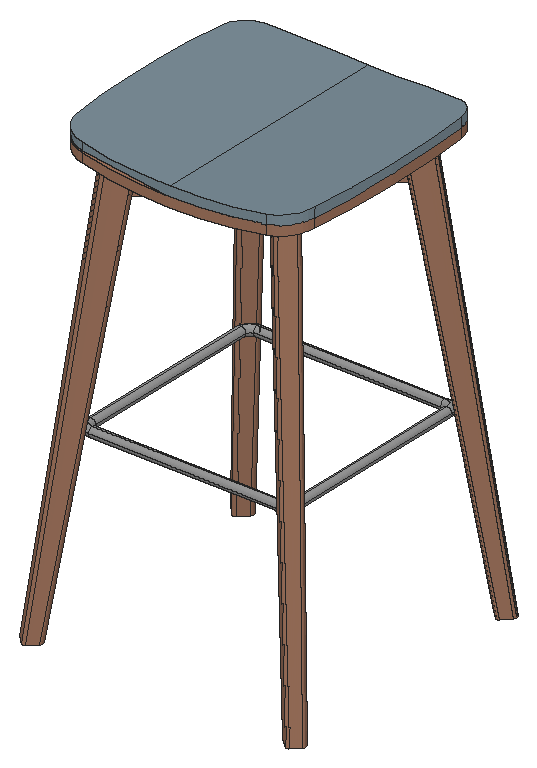
Revit family "FU_Stool_Sandler_Hellen SG02", category Furniture, Revit 2020
Family settings
  OmniClass Number = 23.40.20.00
  OmniClass Title = General Furniture and Specialties
  Work Plane-Based = No
  Always vertical = Yes
  Cut with Voids When Loaded = No
  Shared = No
  Room Calculation Point = No
Parameters (values of type "Hellen SG 02")
  Width = 455 mm
  URL = "https://www.sandlerseating.com/product/hellen-sg02/"
  Seat [instance] = Fabric - Mainline Flax - Epping MLF51
  Model = "Hellen SG 02"
  Manufacturer = "Sandler"
  Height = 735 mm
  Frame [instance] = Wood - Beech - Cherry Wood - V
  Description = "Stool with upholstered seat panel on a solid beech frame fitted with a stainless steel footrest."
  Depth = 455 mm
  Default Elevation = 0 mm
Reference planes
  plane 1 "Center (Front/Back)": y = 0
  plane 2: z = 0
  plane 3 "Center (Left/Right)": x = 0
  plane 4 "Right": x = -227.5
  plane 5 "Left": x = 227.5
  plane 6 "Back": y = 227.5
  plane 7 "Front": y = -227.5
  plane 8 "Height": z = 735
  plane 9 "Frame Base": z = 630.935
  plane 10 "FLL FRONT": through (210.681, -1524, 0) normal (-0.9934, 0, -0.115)
  plane 11 "FL RIGHT": through (4267.2, -210.681, 0) normal (0, -0.9934, 0.115)
  plane 12 "Footrest RIGHT": z = 297.885
  plane 13 "seat base": z = 685.425
Forms (mm)
  SweptBlend 1, solid, material "Wood - Beech - Cherry Wood - V" <- "Frame"
    path origin (0, -207.895, 24.067) x (0, -0.115, -0.993366) y (1, 0, 0)
      loop
        line (31.02, 211.473) -> (-681.003, 128.529)
    profile origin (211.473, -211.462, -6.747) x (-0.993283, -0.013306, -0.114941) y (0, -0.993366, 0.115)
      loop
        arc (16.658, -4.024) -> (18.122, -0.399) -> (16.528, 3.172) r 5
        line (16.528, 3.172) -> (4.046, 14.786)
        arc (4.046, 14.786) -> (0.55, 16.125) -> (-2.896, 14.661) r 5
        line (-2.896, 14.661) -> (-14.55, 3.007)
        arc (-14.55, 3.007) -> (-16.012, -0.393) -> (-14.736, -3.868) r 5
        line (-14.736, -3.868) -> (-3.338, -16.568)
        arc (-3.338, -16.568) -> (0.248, -18.227) -> (3.918, -16.764) r 5
        line (3.918, -16.764) -> (16.658, -4.024)
    end profile origin (128.529, -129.58, 700.552) x (-0.993283, -0.013306, -0.114941) y (0, -0.993366, 0.115)
      loop
        arc (22.745, -5.755) -> (24.21, -2.22) -> (22.745, 1.316) r 5
        line (22.745, 1.316) -> (-2.013, 26.074)
        arc (-2.013, 26.074) -> (-5.646, 27.537) -> (-9.22, 25.933) r 5
        line (-9.22, 25.933) -> (-26.537, 7.202)
        arc (-26.537, 7.202) -> (-27.864, 3.709) -> (-26.401, 0.272) r 5
        line (-26.401, 0.272) -> (-2.35, -23.779)
        arc (-2.35, -23.779) -> (1.186, -25.244) -> (4.721, -23.779) r 5
        line (4.721, -23.779) -> (22.745, -5.755)
  SweptBlend 2, solid, material "Wood - Beech - Cherry Wood - V" <- "Frame"
    path origin (0, -207.895, 24.067) x (0, -0.115, -0.993366) y (-1, 0, 0)
      loop
        line (31.02, 211.473) -> (-681.003, 128.529)
    profile origin (-211.473, -211.462, -6.747) x (-0.993283, 0.013306, 0.114941) y (0, -0.993366, 0.115)
      loop
        line (-16.658, -4.024) -> (-3.918, -16.764)
        arc (-3.918, -16.764) -> (-0.248, -18.227) -> (3.338, -16.568) r 5
        line (3.338, -16.568) -> (14.736, -3.868)
        arc (14.736, -3.868) -> (16.012, -0.393) -> (14.55, 3.007) r 5
        line (14.55, 3.007) -> (2.896, 14.661)
        arc (2.896, 14.661) -> (-0.55, 16.125) -> (-4.046, 14.786) r 5
        line (-4.046, 14.786) -> (-16.528, 3.172)
        arc (-16.528, 3.172) -> (-18.122, -0.399) -> (-16.658, -4.024) r 5
    end profile origin (-128.529, -129.58, 700.552) x (-0.993283, 0.013306, 0.114941) y (0, -0.993366, 0.115)
      loop
        line (-22.745, -5.755) -> (-4.721, -23.779)
        arc (-4.721, -23.779) -> (-1.186, -25.244) -> (2.35, -23.779) r 5
        line (2.35, -23.779) -> (26.401, 0.272)
        arc (26.401, 0.272) -> (27.864, 3.709) -> (26.537, 7.202) r 5
        line (26.537, 7.202) -> (9.22, 25.933)
        arc (9.22, 25.933) -> (5.646, 27.537) -> (2.013, 26.074) r 5
        line (2.013, 26.074) -> (-22.745, 1.316)
        arc (-22.745, 1.316) -> (-24.21, -2.22) -> (-22.745, -5.755) r 5
  SweptBlend 3, solid, material "Wood - Beech - Cherry Wood - V" <- "Frame"
    path origin (0, 207.895, 24.067) x (0, 0.115, -0.993366) y (-1, 0, 0)
      loop
        line (31.02, -211.473) -> (-681.003, -128.529)
    profile origin (211.473, 211.462, -6.747) x (0.993283, -0.013306, 0.114941) y (0, 0.993366, 0.115)
      loop
        line (-16.658, -4.024) -> (-3.918, -16.764)
        arc (-3.918, -16.764) -> (-0.248, -18.227) -> (3.338, -16.568) r 5
        line (3.338, -16.568) -> (14.736, -3.868)
        arc (14.736, -3.868) -> (16.012, -0.393) -> (14.55, 3.007) r 5
        line (14.55, 3.007) -> (2.896, 14.661)
        arc (2.896, 14.661) -> (-0.55, 16.125) -> (-4.046, 14.786) r 5
        line (-4.046, 14.786) -> (-16.528, 3.172)
        arc (-16.528, 3.172) -> (-18.122, -0.399) -> (-16.658, -4.024) r 5
    end profile origin (128.529, 129.58, 700.552) x (0.993283, -0.013306, 0.114941) y (0, 0.993366, 0.115)
      loop
        line (-22.745, -5.755) -> (-4.721, -23.779)
        arc (-4.721, -23.779) -> (-1.186, -25.244) -> (2.35, -23.779) r 5
        line (2.35, -23.779) -> (26.401, 0.272)
        arc (26.401, 0.272) -> (27.864, 3.709) -> (26.537, 7.202) r 5
        line (26.537, 7.202) -> (9.22, 25.933)
        arc (9.22, 25.933) -> (5.646, 27.537) -> (2.013, 26.074) r 5
        line (2.013, 26.074) -> (-22.745, 1.316)
        arc (-22.745, 1.316) -> (-24.21, -2.22) -> (-22.745, -5.755) r 5
  SweptBlend 4, solid, material "Wood - Beech - Cherry Wood - V" <- "Frame"
    path origin (0, 207.895, 24.067) x (0, 0.115, -0.993366) y (-1, 0, 0)
      loop
        line (31.02, 211.473) -> (-681.003, 128.529)
    profile origin (-211.473, 211.462, -6.747) x (0.993283, 0.013306, -0.114941) y (0, 0.993366, 0.115)
      loop
        arc (16.658, -4.024) -> (18.122, -0.399) -> (16.528, 3.172) r 5
        line (16.528, 3.172) -> (4.046, 14.786)
        arc (4.046, 14.786) -> (0.55, 16.125) -> (-2.896, 14.661) r 5
        line (-2.896, 14.661) -> (-14.55, 3.007)
        arc (-14.55, 3.007) -> (-16.012, -0.393) -> (-14.736, -3.868) r 5
        line (-14.736, -3.868) -> (-3.338, -16.568)
        arc (-3.338, -16.568) -> (0.248, -18.227) -> (3.918, -16.764) r 5
        line (3.918, -16.764) -> (16.658, -4.024)
    end profile origin (-128.529, 129.58, 700.552) x (0.993283, 0.013306, -0.114941) y (0, 0.993366, 0.115)
      loop
        arc (22.745, -5.755) -> (24.21, -2.22) -> (22.745, 1.316) r 5
        line (22.745, 1.316) -> (-2.013, 26.074)
        arc (-2.013, 26.074) -> (-5.646, 27.537) -> (-9.22, 25.933) r 5
        line (-9.22, 25.933) -> (-26.537, 7.202)
        arc (-26.537, 7.202) -> (-27.864, 3.709) -> (-26.401, 0.272) r 5
        line (-26.401, 0.272) -> (-2.35, -23.779)
        arc (-2.35, -23.779) -> (1.186, -25.244) -> (4.721, -23.779) r 5
        line (4.721, -23.779) -> (22.745, -5.755)
  Extrusion 5, solid, material "Wood - Beech - Cherry Wood - V" <- "Frame"
    sketch origin (0, 0, 630.935) x (-1, 0, 0) y (0, -1, 0)
      loop
        line (119.438, -135.526) -> (135.526, -119.438) -> (16.088, 0) -> (135.526, 119.438) -> (119.438, 135.526) -> (0, 16.088) -> (-119.438, 135.526) -> (-135.526, 119.438) -> (-16.088, 0) -> (-135.526, -119.438) -> (-119.438, -135.526) -> (0, -16.088) -> (119.438, -135.526)
    from 0 to 66.334
  Sweep 6, solid, material "Metal - Steel - Polished"
    path origin (0, 0, 297.885) x (0, -1, 0) y (1, 0, 0)
      loop
        arc (164.409, 149.409) -> (160.015, 160.015) -> (149.409, 164.409) r 15
        line (149.409, 164.409) -> (-149.409, 164.409)
        arc (-149.409, 164.409) -> (-160.015, 160.015) -> (-164.409, 149.409) r 15
        line (-164.409, 149.409) -> (-164.409, -149.409)
        arc (-164.409, -149.409) -> (-160.015, -160.015) -> (-149.409, -164.409) r 15
        line (-149.409, -164.409) -> (149.409, -164.409)
        arc (149.409, -164.409) -> (160.015, -160.015) -> (164.409, -149.409) r 15
        line (164.409, -149.409) -> (164.409, 149.409)
    profile "Pro_Circles : 15mm" origin (0, -164.409, 297.885) x (0, -1, 0) y (0, 0, 1)
      loop
        arc (-7.467, 0.067) -> (-5.347, -5.252) -> (-0.067, -7.467) r 7.401
        arc (-0.067, -7.467) -> (5.3, -5.301) -> (7.467, 0.067) r 7.402
        arc (7.467, 0.067) -> (5.252, 5.347) -> (-0.067, 7.467) r 7.401
        arc (-0.067, 7.467) -> (-5.299, 5.299) -> (-7.467, 0.067) r 7.4
  Sweep 7, solid, material "Wood - Beech - Cherry Wood - V" <- "Frame"
    path origin (0, 0, 0) x (0, 1, 0) y (0, 0, 1)
      loop
        line (-227.5, 685.425) -> (227.5, 685.425)
    profile "Pro_Plus_SeatFront : Pro_Plus_SeatFront" origin (0, 0, 685.425) x (0, 0, 1) y (1, 0, 0)
      loop
        arc (0, 0) -> (6.343, -128.159) -> (25.737, -255) r 1255.285
        line (25.737, -255) -> (40.253, -255)
        arc (40.253, -255) -> (21.697, -128.096) -> (15.33, 0) r 1342.99
        arc (15.33, 0) -> (21.697, 128.096) -> (40.253, 255) r 1342.99
        line (40.253, 255) -> (25.737, 255)
        arc (25.737, 255) -> (6.343, 128.159) -> (0, 0) r 1255.285
  Extrusion 8, void
    sketch origin (0, 0, 297.885) x (0, -1, 0) y (1, 0, 0)
      loop
        arc (-189.067, -146.19) -> (-174.594, -175.751) -> (-144.882, -189.912) r 50
        arc (-144.882, -189.912) -> (0, -197.84) -> (144.882, -189.912) r 1327.714
        arc (144.882, -189.912) -> (174.594, -175.751) -> (189.067, -146.19) r 50
        arc (189.067, -146.19) -> (197.84, 0) -> (189.067, 146.19) r 1222.391
        arc (189.067, 146.19) -> (174.594, 175.751) -> (144.882, 189.912) r 50
        arc (144.882, 189.912) -> (0, 197.84) -> (-144.882, 189.912) r 1327.714
        arc (-144.882, 189.912) -> (-174.594, 175.751) -> (-189.067, 146.19) r 50
        arc (-189.067, 146.19) -> (-197.84, 0) -> (-189.067, -146.19) r 1222.391
      loop
        line (-238.252, -267.893) -> (236.748, -267.893) -> (236.748, 267.107) -> (-238.252, 267.107) -> (-238.252, -267.893)
    from 374.415 to 454.879
  Extrusion 9, void
    sketch origin (0, 0, 0) x (1, 0, 0) y (0, 1, 0)
      loop
        line (-230, 230) -> (-230, -230) -> (230, -230) -> (230, 230) -> (-230, 230)
    from -15 to 0
  Sweep 10, solid, material "Fabric - Mainline Flax - Epping MLF51" <- "Seat"
    path origin (0, 0, 0) x (0, 1, 0) y (0, 0, 1)
      loop
        line (-227.5, 685.425) -> (227.5, 685.425)
    profile "Pro_Plus_SeatFront : Pro_Plus_SeatFront" origin (0, 0, 685.425) x (0, 0, 1) y (1, 0, 0)
      loop
        arc (15, 0) -> (21.343, -128.159) -> (40.737, -255) r 1255.285
        line (40.737, -255) -> (55.253, -255)
        arc (55.253, -255) -> (36.697, -128.096) -> (30.33, 0) r 1342.99
        arc (30.33, 0) -> (36.697, 128.096) -> (55.253, 255) r 1342.99
        line (55.253, 255) -> (40.737, 255)
        arc (40.737, 255) -> (21.343, 128.159) -> (15, 0) r 1255.285
Cuts and joins
  Extrusion 8 cuts Sweep 7
  Extrusion 9 cuts SweptBlend 2
  Extrusion 9 cuts SweptBlend 1
  Extrusion 9 cuts SweptBlend 4
  Extrusion 9 cuts SweptBlend 3
  Extrusion 8 cuts Sweep 10
Dimensions and locks
  equal spacing: plane 4 "Right", plane 3 "Center (Left/Right)", plane 5 "Left"
  "Width": plane 4 "Right" to plane 5 "Left"
  equal spacing: plane 6 "Back", plane 1 "Center (Front/Back)", plane 7 "Front"
  "Depth": plane 6 "Back" to plane 7 "Front"
  "Height": plane 8 "Height" to level
  plane 9 "Frame Base" to level = 630.935 mm
  aligned and locked: level to plane 2
Automatic sketch dimensions
  plane 5 "Left" to SweptBlend 1 sketch curve = 98.971 mm
  plane 5 "Left" to SweptBlend 1 sketch curve = 16.027 mm
  SweptBlend 1 sketch curve to SweptBlend 1 sketch curve = 712.023 mm
  SweptBlend 1 sketch curve to plane 11 "FL RIGHT" = 3.868 mm
  profile plane to SweptBlend 1 sketch curve = 14.736 mm
  plane 11 "FL RIGHT" to SweptBlend 1 sketch curve = 3.007 mm
  SweptBlend 1 sketch curve to SweptBlend 1 sketch curve = 0.186 mm
  SweptBlend 1 sketch curve to plane 11 "FL RIGHT" = 0.528 mm
  profile plane to SweptBlend 1 sketch curve = 3.338 mm
  profile plane to SweptBlend 1 sketch curve = 2.896 mm
  SweptBlend 1 sketch curve to profile plane = 0.383 mm
  SweptBlend 1 sketch curve to profile plane = 0.64 mm
  SweptBlend 1 sketch curve to profile plane = 3.918 mm
  SweptBlend 1 sketch curve to profile plane = 4.046 mm
  SweptBlend 1 sketch curve to plane 11 "FL RIGHT" = 0.489 mm
  SweptBlend 1 sketch curve to profile plane = 13.122 mm
  plane 11 "FL RIGHT" to SweptBlend 1 sketch curve = 3.172 mm
  SweptBlend 1 sketch curve to SweptBlend 1 sketch curve = 3.406 mm
  SweptBlend 1 sketch curve to plane 11 "FL RIGHT" = 4.024 mm
  SweptBlend 1 sketch curve to plane 11 "FL RIGHT" = 13.228 mm
  SweptBlend 1 sketch curve to SweptBlend 1 sketch curve = 3.339 mm
  plane 11 "FL RIGHT" to SweptBlend 1 sketch curve = 11.126 mm
  SweptBlend 1 sketch curve to SweptBlend 1 sketch curve = 3.536 mm  (x3)
  plane 11 "FL RIGHT" to SweptBlend 1 sketch curve = 7.202 mm
  profile plane to SweptBlend 1 sketch curve = 26.537 mm
  plane 11 "FL RIGHT" to SweptBlend 1 sketch curve = 0.272 mm
  SweptBlend 1 sketch curve to SweptBlend 1 sketch curve = 0.136 mm
  plane 11 "FL RIGHT" to SweptBlend 1 sketch curve = 3.807 mm
  profile plane to SweptBlend 1 sketch curve = 9.22 mm
  SweptBlend 1 sketch curve to SweptBlend 1 sketch curve = 3.671 mm
  profile plane to SweptBlend 1 sketch curve = 2.35 mm
  profile plane to SweptBlend 1 sketch curve = 2.013 mm
  SweptBlend 1 sketch curve to profile plane = 1.186 mm
  SweptBlend 1 sketch curve to profile plane = 4.721 mm
  SweptBlend 1 sketch curve to plane 11 "FL RIGHT" = 2.22 mm
  SweptBlend 1 sketch curve to profile plane = 19.21 mm
  plane 11 "FL RIGHT" to SweptBlend 1 sketch curve = 1.316 mm
  SweptBlend 1 sketch curve to plane 11 "FL RIGHT" = 5.755 mm
  SweptBlend 1 sketch curve to plane 11 "FL RIGHT" = 20.244 mm
  plane 11 "FL RIGHT" to SweptBlend 1 sketch curve = 22.538 mm
  SweptBlend 1 sketch curve to SweptBlend 1 sketch curve = 3.394 mm
  plane 4 "Right" to SweptBlend 2 sketch curve = 98.971 mm
  plane 4 "Right" to SweptBlend 2 sketch curve = 16.027 mm
  SweptBlend 2 sketch curve to SweptBlend 2 sketch curve = 712.023 mm
  SweptBlend 2 sketch curve to plane 11 "FL RIGHT" = 4.024 mm
  profile plane to SweptBlend 2 sketch curve = 16.658 mm
  plane 11 "FL RIGHT" to SweptBlend 2 sketch curve = 3.172 mm
  SweptBlend 2 sketch curve to SweptBlend 2 sketch curve = 0.13 mm
  SweptBlend 2 sketch curve to plane 11 "FL RIGHT" = 0.489 mm
  profile plane to SweptBlend 2 sketch curve = 4.046 mm
  profile plane to SweptBlend 2 sketch curve = 3.918 mm
  profile plane to SweptBlend 2 sketch curve = 0.64 mm
  profile plane to SweptBlend 2 sketch curve = 0.383 mm
  SweptBlend 2 sketch curve to profile plane = 2.896 mm
  SweptBlend 2 sketch curve to profile plane = 3.338 mm
  SweptBlend 2 sketch curve to plane 11 "FL RIGHT" = 0.528 mm
  SweptBlend 2 sketch curve to profile plane = 11.014 mm
  plane 11 "FL RIGHT" to SweptBlend 2 sketch curve = 3.007 mm
  SweptBlend 2 sketch curve to SweptBlend 2 sketch curve = 3.536 mm  (x6)
  SweptBlend 2 sketch curve to plane 11 "FL RIGHT" = 3.868 mm
  SweptBlend 2 sketch curve to plane 11 "FL RIGHT" = 13.228 mm
  SweptBlend 2 sketch curve to SweptBlend 2 sketch curve = 3.339 mm
  plane 11 "FL RIGHT" to SweptBlend 2 sketch curve = 11.126 mm
  SweptBlend 2 sketch curve to plane 11 "FL RIGHT" = 5.755 mm
  profile plane to SweptBlend 2 sketch curve = 22.745 mm
  plane 11 "FL RIGHT" to SweptBlend 2 sketch curve = 1.316 mm
  SweptBlend 2 sketch curve to SweptBlend 2 sketch curve = 0 mm
  profile plane to SweptBlend 2 sketch curve = 4.721 mm
  profile plane to SweptBlend 2 sketch curve = 1.186 mm
  SweptBlend 2 sketch curve to profile plane = 2.013 mm
  SweptBlend 2 sketch curve to profile plane = 2.35 mm
  SweptBlend 2 sketch curve to SweptBlend 2 sketch curve = 3.671 mm
  plane 11 "FL RIGHT" to SweptBlend 2 sketch curve = 3.807 mm
  SweptBlend 2 sketch curve to profile plane = 22.865 mm
  plane 11 "FL RIGHT" to SweptBlend 2 sketch curve = 0.272 mm
  plane 11 "FL RIGHT" to SweptBlend 2 sketch curve = 7.202 mm
  SweptBlend 2 sketch curve to plane 11 "FL RIGHT" = 20.244 mm
  plane 11 "FL RIGHT" to SweptBlend 2 sketch curve = 22.538 mm
  SweptBlend 2 sketch curve to SweptBlend 2 sketch curve = 3.394 mm
  plane 5 "Left" to SweptBlend 3 sketch curve = 98.971 mm
  plane 5 "Left" to SweptBlend 3 sketch curve = 16.027 mm
  SweptBlend 3 sketch curve to SweptBlend 3 sketch curve = 712.023 mm
  SweptBlend 3 sketch curve to profile plane = 4.024 mm
  profile plane to SweptBlend 3 sketch curve = 16.658 mm
  profile plane to SweptBlend 3 sketch curve = 3.172 mm
  SweptBlend 3 sketch curve to SweptBlend 3 sketch curve = 0.13 mm
  SweptBlend 3 sketch curve to profile plane = 0.489 mm
  profile plane to SweptBlend 3 sketch curve = 4.046 mm
  profile plane to SweptBlend 3 sketch curve = 3.918 mm
  profile plane to SweptBlend 3 sketch curve = 0.64 mm
  profile plane to SweptBlend 3 sketch curve = 0.383 mm
  SweptBlend 3 sketch curve to profile plane = 2.896 mm
  SweptBlend 3 sketch curve to profile plane = 3.338 mm
  SweptBlend 3 sketch curve to profile plane = 0.528 mm
  SweptBlend 3 sketch curve to profile plane = 11.014 mm
  profile plane to SweptBlend 3 sketch curve = 3.007 mm
  SweptBlend 3 sketch curve to SweptBlend 3 sketch curve = 3.536 mm  (x6)
  SweptBlend 3 sketch curve to profile plane = 3.868 mm
  SweptBlend 3 sketch curve to profile plane = 13.228 mm
  SweptBlend 3 sketch curve to SweptBlend 3 sketch curve = 3.339 mm
  profile plane to SweptBlend 3 sketch curve = 11.126 mm
  SweptBlend 3 sketch curve to profile plane = 5.755 mm
  profile plane to SweptBlend 3 sketch curve = 22.745 mm
  profile plane to SweptBlend 3 sketch curve = 1.316 mm
  SweptBlend 3 sketch curve to SweptBlend 3 sketch curve = 0 mm
  profile plane to SweptBlend 3 sketch curve = 4.721 mm
  profile plane to SweptBlend 3 sketch curve = 1.186 mm
  SweptBlend 3 sketch curve to profile plane = 2.013 mm
  SweptBlend 3 sketch curve to profile plane = 2.35 mm
  SweptBlend 3 sketch curve to SweptBlend 3 sketch curve = 3.671 mm
  profile plane to SweptBlend 3 sketch curve = 3.807 mm
  SweptBlend 3 sketch curve to profile plane = 22.865 mm
  profile plane to SweptBlend 3 sketch curve = 0.272 mm
  profile plane to SweptBlend 3 sketch curve = 7.202 mm
  SweptBlend 3 sketch curve to profile plane = 20.244 mm
  profile plane to SweptBlend 3 sketch curve = 22.538 mm
  SweptBlend 3 sketch curve to SweptBlend 3 sketch curve = 3.394 mm
  SweptBlend 4 sketch curve to plane 4 "Right" = 98.971 mm
  SweptBlend 4 sketch curve to plane 4 "Right" = 16.027 mm
  SweptBlend 4 sketch curve to SweptBlend 4 sketch curve = 712.023 mm
  SweptBlend 4 sketch curve to profile plane = 3.868 mm
  profile plane to SweptBlend 4 sketch curve = 14.736 mm
  profile plane to SweptBlend 4 sketch curve = 3.007 mm
  SweptBlend 4 sketch curve to SweptBlend 4 sketch curve = 0.186 mm
  SweptBlend 4 sketch curve to profile plane = 0.528 mm
  profile plane to SweptBlend 4 sketch curve = 3.338 mm
  profile plane to SweptBlend 4 sketch curve = 2.896 mm
  SweptBlend 4 sketch curve to profile plane = 0.383 mm
  SweptBlend 4 sketch curve to profile plane = 0.64 mm
  SweptBlend 4 sketch curve to profile plane = 3.918 mm
  SweptBlend 4 sketch curve to profile plane = 4.046 mm
  SweptBlend 4 sketch curve to profile plane = 0.489 mm
  SweptBlend 4 sketch curve to profile plane = 13.122 mm
  profile plane to SweptBlend 4 sketch curve = 3.172 mm
  SweptBlend 4 sketch curve to SweptBlend 4 sketch curve = 3.406 mm
  SweptBlend 4 sketch curve to profile plane = 4.024 mm
  SweptBlend 4 sketch curve to profile plane = 13.228 mm
  SweptBlend 4 sketch curve to SweptBlend 4 sketch curve = 3.339 mm
  profile plane to SweptBlend 4 sketch curve = 11.126 mm
  SweptBlend 4 sketch curve to SweptBlend 4 sketch curve = 3.536 mm  (x3)
  profile plane to SweptBlend 4 sketch curve = 7.202 mm
  profile plane to SweptBlend 4 sketch curve = 26.537 mm
  profile plane to SweptBlend 4 sketch curve = 0.272 mm
  SweptBlend 4 sketch curve to SweptBlend 4 sketch curve = 0.136 mm
  profile plane to SweptBlend 4 sketch curve = 3.807 mm
  profile plane to SweptBlend 4 sketch curve = 9.22 mm
  SweptBlend 4 sketch curve to SweptBlend 4 sketch curve = 3.671 mm
  profile plane to SweptBlend 4 sketch curve = 2.35 mm
  profile plane to SweptBlend 4 sketch curve = 2.013 mm
  SweptBlend 4 sketch curve to profile plane = 1.186 mm
  SweptBlend 4 sketch curve to profile plane = 4.721 mm
  SweptBlend 4 sketch curve to profile plane = 2.22 mm
  SweptBlend 4 sketch curve to profile plane = 19.21 mm
  profile plane to SweptBlend 4 sketch curve = 1.316 mm
  SweptBlend 4 sketch curve to profile plane = 5.755 mm
  SweptBlend 4 sketch curve to profile plane = 20.244 mm
  profile plane to SweptBlend 4 sketch curve = 22.538 mm
  SweptBlend 4 sketch curve to SweptBlend 4 sketch curve = 3.394 mm
  plane 1 "Center (Front/Back)" to Extrusion 5 sketch curve = 0 mm  (x2)
  Extrusion 5 sketch curve to plane 3 "Center (Left/Right)" = 0 mm  (x2)
  plane 3 "Center (Left/Right)" to Extrusion 5 sketch curve = 16.088 mm
  plane 5 "Left" to Extrusion 5 sketch curve = 108.062 mm  (x2)
  Extrusion 5 sketch curve to Extrusion 5 sketch curve = 16.088 mm  (x3)
  Extrusion 5 sketch curve to plane 3 "Center (Left/Right)" = 16.088 mm
  Extrusion 5 sketch curve to plane 4 "Right" = 108.062 mm
  Extrusion 5 sketch curve to plane 6 "Back" = 91.974 mm
  Sweep 6 sketch curve to plane 6 "Back" = 63.091 mm
  Sweep 6 sketch curve to Sweep 6 sketch curve = 15 mm  (x3)
  plane 7 "Front" to Sweep 6 sketch curve = 78.091 mm  (x2)
  Sweep 6 sketch curve to plane 4 "Right" = 63.091 mm
  plane 5 "Left" to Sweep 6 sketch curve = 78.091 mm
  Sweep 7 sketch curve to plane 7 "Front" = 0 mm
  Sweep 7 sketch curve to plane 6 "Back" = 0 mm
  Sweep 7 sketch curve to plane 13 "seat base" = 0 mm
  Extrusion 8 sketch curve to plane 3 "Center (Left/Right)" = 0 mm  (x2)
  plane 1 "Center (Front/Back)" to Extrusion 8 sketch curve = 0 mm  (x2)
  Extrusion 8 sketch curve to plane 6 "Back" = 88.074 mm  (x2)
  plane 6 "Back" to Extrusion 8 sketch curve = 10.752 mm
  plane 6 "Back" to Extrusion 8 sketch curve = 797.052 mm
  plane 7 "Front" to Extrusion 8 sketch curve = 88.074 mm  (x2)
  Extrusion 8 sketch curve to plane 7 "Front" = 9.248 mm
  Extrusion 8 sketch curve to plane 7 "Front" = 797.052 mm
  Extrusion 8 sketch curve to plane 4 "Right" = 87.29 mm  (x2)
  plane 4 "Right" to Extrusion 8 sketch curve = 40.393 mm
  Extrusion 8 sketch curve to Extrusion 8 sketch curve = 861.981 mm
  plane 5 "Left" to Extrusion 8 sketch curve = 87.29 mm  (x2)
  Extrusion 8 sketch curve to plane 5 "Left" = 39.607 mm
  Extrusion 8 sketch curve to Extrusion 8 sketch curve = 862.766 mm
  plane 5 "Left" to Extrusion 8 sketch curve = 37.588 mm
  Extrusion 8 sketch curve to plane 4 "Right" = 37.588 mm
  Extrusion 8 sketch curve to Extrusion 8 sketch curve = 0 mm  (x6)
  plane 4 "Right" to Extrusion 9 sketch curve = 2.5 mm
  Extrusion 9 sketch curve to plane 5 "Left" = 2.5 mm
  Extrusion 9 sketch curve to plane 7 "Front" = 2.5 mm
  plane 6 "Back" to Extrusion 9 sketch curve = 2.5 mm
  Sweep 10 sketch curve to plane 7 "Front" = 0 mm
  Sweep 10 sketch curve to plane 6 "Back" = 0 mm
  Sweep 10 sketch curve to plane 13 "seat base" = 0 mm
